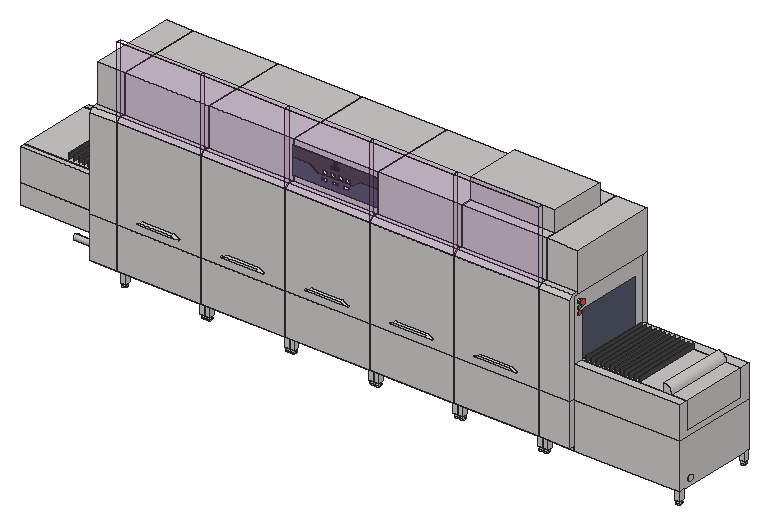
Revit family "QF_ELECTROLUXPROFESSIONAL_520717_EFTD082EL2U2D1M5L385", category Attrezzature speciali, Revit 2020
Family settings
  Quota connettore circolare = Usa diametro
  Tipo di parte = Normale
  Basato su piano di lavoro = No
  Sempre verticale = Sì
  Taglio con vuoti quando caricato = No
  Condiviso = No
  Punto di calcolo locali = No
Parameters (values of type "Standard")
  Weight = 1321.00 kg
  Watts = 76000 W
  Volts = 380 V
  URL Manufacturer = "https://www.electroluxprofessional.com/"
  URL = "https://www.electroluxprofessional.com/"
  Steam Supply Size = 0 mm
  Steam Supply Minimum Pressure = 0.0 Pa
  Steam Supply Maximum Pressure = 0.0 Pa
  Steam Consumption per Hour = 0
  Show Logo [instance] = yes
  Show Clearance [instance] = yes
  Refrigeration Suction Line Size = 0 mm
  Refrigeration Liquid Line Size = 0 mm
  Refrigerant Compressor Remote = yes
  Prospetto di default = 0 mm
  Produttore = "Electrolux Professional"
  Phase = 3
  Modello = "EFTD082EL2U2D1M5L385"
  Length Actual = 6250 mm  # constant formula
  Item Number = "520717"
  Hot Water Size = 0 mm
  Height Actual = 1983 mm  # constant formula
  HP = "101.9 HP"
  Gas Size = 0 mm
  Gas KW = 0
  Gas Input Pressure = 0 W
  Direct Waste Size = 50.8 mm
  Descrizione = "FT, 3Tanks, 8200D/H, El., 950mm loading, 1300mm unloading, 1Dryer, 55mm conveyor,L>R,380V50Hz3P"
  Depth Actual = 946 mm  # constant formula
  Cycle = 50 Hz
  Condensate Return Size = 0 mm
  Compressed Air Volume = 0.0 L/s
  Compressed Air Size = 0 mm
  Compressed Air Pressure = 0.0 Pa
  Cold Water Size = 0 mm
  Accessory = yes
Reference planes
  plane 1 "Centro (Fronte/Retro)": y = 0
  plane 2: z = 0
  plane 3 "Centro (Sinistra/Destra)": x = 0
  plane 4: z = 115
Forms (mm)
  Extrusion 1, solid, material "QF_Finishes_Stainless Steel"
    sketch origin (2232.404, 2, 1806.023) x (1, 0, 0) y (0, 0, 1)
      loop
        line (407.596, -163.023) -> (407.596, -183.023) -> (427.596, -183.023) -> (427.596, -163.023) -> (407.596, -163.023)
    from 0 to 2
  Extrusion 2, solid, material "QF_Finishes_Stainless Steel"
    sketch origin (6255.617, -1522.464, 1290.159) x (0, 0, -1) y (0, -1, 0)
      loop
        circle (1102.159, -772.464) r 25
    from -9.383 to 5.617
  Extrusion 3, solid, material "QF_Finishes_Stainless Steel"
    sketch origin (2892.404, 2, 337.984) x (1, 0, 0) y (0, 0, 1)
      loop
        line (407.596, -163.023) -> (407.596, -183.023) -> (427.596, -183.023) -> (427.596, -163.023) -> (407.596, -163.023)
    from 0 to 2
  Extrusion 4, solid, material "QF_Finishes_Stainless Steel"
    sketch origin (3326.841, 200.464, 109.383) x (1, 0, 0) y (0, 1, 0)
      loop
        circle (1102.159, -772.464) r 10
    from -9.383 to 5.617
  Extrusion 5, solid, material "QF_Finishes_Stainless Steel"
    sketch origin (3397.841, 200.464, 109.383) x (1, 0, 0) y (0, 1, 0)
      loop
        circle (1102.159, -772.464) r 10
    from -9.383 to 5.617
  Extrusion 6, solid, material "QF_Finishes_Stainless Steel"
    sketch origin (444.383, 22.464, 1290.159) x (0, 0, -1) y (0, 1, 0)
      loop
        circle (1102.159, -772.464) r 25
    from -9.383 to 255.617
Dimensions and locks
  plane 4 to level = 115 mm
  aligned and locked: level to plane 2
Nested families
  nested 1: "MODULO_CENTER_800_FAN" at (4533.563, -388.258, 0), Show Clearance <- "Show Clearance", type "MODULO_CENTER_800_FAN"
    with Show Logo yes, Show Clearance yes, R_L no, L_R yes
  nested 2: "MODULO_CENTER_800" at (2933.563, -388.258, 0), Show Clearance <- "Show Clearance", type "MODULO_CENTER_800"
    with Show Logo yes, Show Clearance yes, R_L no, L_R yes
  nested 3: "MODULO_ENTRY_DISH_950" at (558.563, -388.258, 0), type "MODULO_ENTRY_DISH_950"
    with Show Logo yes, Show Clearance yes, R_L no, L_R yes
  nested 4: "MODULO_USCITA_DISH_1300" at (5308.563, -388.258, 0), type "MODULO_USCITA_DISH_1300"
    with Show Logo yes, Show Clearance yes, R_L yes, L_R no
  nested 5: "Piedino_Square_115H" at (6226.5, -73.5, 0) x (-1, 0, 0) z (0, 0, 1), type "Piedino_Square_115H"
  nested 6: "Piedino_Square_115H" at (6226.5, -838.5, 0) x (-1, 0, 0) z (0, 0, 1), type "Piedino_Square_115H"
  nested 7: "Piedino_Square_115H" at (4973.5, -73.5, 0) x (-1, 0, 0) z (0, 0, 1), type "Piedino_Square_115H"
  nested 8: "Piedino_Square_115H" at (4973.5, -838.5, 0) x (-1, 0, 0) z (0, 0, 1), type "Piedino_Square_115H"
  nested 9: "Piedino_Square_115H" at (3373.5, -838.5, 0), type "Piedino_Square_115H"
  nested 10: "Piedino_Square_115H" at (3373.5, -73.5, 0), type "Piedino_Square_115H"
  nested 11: "Piedino_Square_115H" at (4126.5, -838.5, 0), type "Piedino_Square_115H"
  nested 12: "Piedino_Square_115H" at (4126.5, -73.5, 0), type "Piedino_Square_115H"
  nested 13: "Piedino_Square_115H" at (4173.5, -838.5, 0) x (-1, 0, 0) z (0, 0, 1), type "Piedino_Square_115H"
  nested 14: "Piedino_Square_115H" at (4173.5, -73.5, 0) x (-1, 0, 0) z (0, 0, 1), type "Piedino_Square_115H"
  nested 15: "Piedino_Square_115H" at (4926.5, -838.5, 0) x (-1, 0, 0) z (0, 0, 1), type "Piedino_Square_115H"
  nested 16: "Piedino_Square_115H" at (4926.5, -73.5, 0) x (-1, 0, 0) z (0, 0, 1), type "Piedino_Square_115H"
  nested 17: "Piedino_Square_115H" at (2573.5, -838.5, 0), type "Piedino_Square_115H"
  nested 18: "Piedino_Square_115H" at (2573.5, -73.5, 0), type "Piedino_Square_115H"
  nested 19: "Piedino_Square_115H" at (3326.5, -838.5, 0), type "Piedino_Square_115H"
  nested 20: "Piedino_Square_115H" at (3326.5, -73.5, 0), type "Piedino_Square_115H"
  nested 21: "MANIGLIA_FLIGHT_400" at (2950, -912, 639.28) x (1, 0, 0) z (0, -1, 0), type "MANIGLIA_FLIGHT_400"
  nested 22: "MANIGLIA_FLIGHT_400" at (4550, -912, 639.28) x (1, 0, 0) z (0, -1, 0), type "MANIGLIA_FLIGHT_400"
  nested 23: "MANIGLIA_FLIGHT_400" at (3750, -912, 639.28) x (1, 0, 0) z (0, -1, 0), type "MANIGLIA_FLIGHT_400"
  nested 24: "MODULO_CENTER_800" at (2166.437, -388.258, 0) x (-1, 0, 0) z (0, 0, 1), Show Clearance <- "Show Clearance", type "MODULO_CENTER_800"
    with Show Logo yes, Show Clearance yes, R_L no, L_R yes
  nested 25: "Piedino_Square_115H" at (2526.5, -838.5, 0) x (-1, 0, 0) z (0, 0, 1), type "Piedino_Square_115H"
  nested 26: "Piedino_Square_115H" at (2526.5, -73.5, 0) x (-1, 0, 0) z (0, 0, 1), type "Piedino_Square_115H"
  nested 27: "Piedino_Square_115H" at (1773.5, -838.5, 0) x (-1, 0, 0) z (0, 0, 1), type "Piedino_Square_115H"
  nested 28: "Piedino_Square_115H" at (1773.5, -73.5, 0) x (-1, 0, 0) z (0, 0, 1), type "Piedino_Square_115H"
  nested 29: "MANIGLIA_FLIGHT_400" at (2150, -912, 639.28) x (-1, 0, 0) z (0, -1, 0), type "MANIGLIA_FLIGHT_400"
  nested 30: "MODULO_CENTER_800" at (1333.563, -388.258, 0), Show Clearance <- "Show Clearance", type "MODULO_CENTER_800"
    with Show Logo yes, Show Clearance yes, R_L no, L_R yes
  nested 31: "Piedino_Square_115H" at (973.5, -838.5, 0), type "Piedino_Square_115H"
  nested 32: "Piedino_Square_115H" at (973.5, -73.5, 0), type "Piedino_Square_115H"
  nested 33: "Piedino_Square_115H" at (1726.5, -838.5, 0), type "Piedino_Square_115H"
  nested 34: "Piedino_Square_115H" at (1726.5, -73.5, 0), type "Piedino_Square_115H"
  nested 35: "MANIGLIA_FLIGHT_400" at (1350, -912, 639.28) x (1, 0, 0) z (0, -1, 0), type "MANIGLIA_FLIGHT_400"
  nested 36: "Schermo_Flight_800" at (2950, -815, 1592.763) x (1, 0, 0) z (0, -1, 0), type "Schermo_Flight_800"
  nested 37: "ELX_LOGO_WORDS_WHITE" at (2950, -816.6, 1682.763) x (1, 0, 0) z (0, -1, 0), Show Logo <- "Show Logo", visible <- "Show Logo", type "ELX_LOGO_WORDS_WHITE"
    with Show Logo yes
  nested 38: "ELX_LOGO_MONO_SMALL_WHITE" at (2940.08, -816.6, 1668.763) x (-1, 0, 0) z (0, -1, 0), Show Logo <- "Show Logo", visible <- "Show Logo", type "ELX_LOGO_MONO_SMALL_WHITE"
    with Show Logo yes
  nested 39: "MODULO_CENTER_800" at (3766.437, -388.258, 0) x (-1, 0, 0) z (0, 0, 1), Show Clearance <- "Show Clearance", type "MODULO_CENTER_800"
    with Show Logo yes, Show Clearance yes, R_L no, L_R yes
Connectors
  electrical at (2650, 2, 1633)
    settings: on Extrusion 1, index 69, voltage 0 V, apparent load 0 VA, apparent load phase1 0 VA, apparent load phase2 0 VA, apparent load phase3 0 VA, power factor 1, load classification "Altro", number of poles 1, system type 30, power factor state 1, is connector primary yes, connector utility no, sub classification motor no, connector description "EI"
  piping at (6265, -750, 188), diameter 50
    settings: on Extrusion 2, index 70, connector inside diameter 609.6 mm, connector length 0 mm, flow factor 0, pipe flow 0.0 L/s, pressure drop 0.0 Pa, fitting loss kfactor 0, connector angle 0.00°, fixture units 0, engagement length 0 mm, angle of deflection 0.00°, flow configuration 0, flow direction 0, fitting loss method 0, system type 29, joint type 0, gender type 0, connector reference index -1, connector utility 0, adjustable connector no, is connector primary yes, connector description "D"
  electrical at (3310, 2, 164.961)
    settings: on Extrusion 3, index 71, voltage 0 V, apparent load 0 VA, apparent load phase1 0 VA, apparent load phase2 0 VA, apparent load phase3 0 VA, power factor 1, load classification "Altro", number of poles 1, system type 30, power factor state 1, is connector primary no, connector utility no, sub classification motor no, connector description "EQ"
  piping at (4429, -572, 100), diameter 19.1
    settings: on Extrusion 4, index 72, connector inside diameter 609.6 mm, connector length 0 mm, flow factor 0, pipe flow 0.0 L/s, pressure drop 0.0 Pa, fitting loss kfactor 0, connector angle 0.00°, fixture units 0, engagement length 0 mm, angle of deflection 0.00°, flow configuration 0, flow direction 0, fitting loss method 0, system type 29, joint type 0, gender type 0, connector reference index -1, connector utility 0, adjustable connector no, is connector primary no, connector description "HWI/CWI"
  piping at (4500, -572, 100), diameter 19.1
    settings: on Extrusion 5, index 73, connector inside diameter 609.6 mm, connector length 0 mm, flow factor 0, pipe flow 0.0 L/s, pressure drop 0.0 Pa, fitting loss kfactor 0, connector angle 0.00°, fixture units 0, engagement length 0 mm, angle of deflection 0.00°, flow configuration 0, flow direction 0, fitting loss method 0, system type 29, joint type 0, gender type 0, connector reference index -1, connector utility 0, adjustable connector no, is connector primary no, connector description "HWI/CWI"
  piping at (435, -750, 188), diameter 50
    settings: on Extrusion 6, index 74, connector inside diameter 609.6 mm, connector length 0 mm, flow factor 0, pipe flow 0.0 L/s, pressure drop 0.0 Pa, fitting loss kfactor 0, connector angle 0.00°, fixture units 0, engagement length 0 mm, angle of deflection 0.00°, flow configuration 0, flow direction 0, fitting loss method 0, system type 29, joint type 0, gender type 0, connector reference index -1, connector utility 0, adjustable connector no, is connector primary no, connector description "D"
Definition of nested family "MODULO_CENTER_800_FAN"
  Parameters (values of type "MODULO_CENTER_800_FAN")
    URL = "http://professional.electrolux.com"
    Show Logo [instance] = yes
    R_L [instance] = not(L_R)  # no
    Default Elevation = 0 mm
    Manufacturer = "Electrolux"
    Model = "ESR10E5"
    Length Actual = 800 mm
    Show Clearance [instance] = yes
    L_R [instance] = yes
    Height Actual = 1792 mm
    Description = "SINGLE RINSE RT, 100R/H, ELECTRIC 50HZ"
    Depth Actual = 912 mm
  Reference planes
    plane 1 "Center X": y = -67.742
    plane 2: z = 0
    plane 3 "LEFT": x = -383.563
    plane 4 "RIGHT": x = 416.437
    plane 5 "BACK": y = 388.258
    plane 6 "FEET": z = 115
    plane 7: z = 2092
    plane 8 "TOP": z = 1792
    plane 9 "FRONT": y = -523.742
    plane 10 "Left/Right": x = 16.437
    plane 11 "TopVent": z = 1983
  Forms (mm)
    Extrusion 1, solid
      sketch origin (416.437, 479.936, 4000) x (0, 1, 0) y (0, 0, 1)
        loop
          line (-91.678, -2208) -> (-906.678, -2208) -> (-906.678, -2580) -> (-91.678, -2580) -> (-91.678, -2208)
      from -800 to 0
    Extrusion 2, solid
      sketch origin (-383.563, 437.565, 3910) x (0, 1, 0) y (0, 0, 1)
        loop
          line (-99.307, -2490) -> (-911.307, -2490) -> (-911.307, -3552) -> (-99.307, -3552) -> (-99.307, -2490)
      from 800 to 0
    Extrusion 3, solid
      sketch origin (416.437, 479.936, 4299) x (0, 1, 0) y (0, 0, 1)
        loop
          line (-278.21, -2316) -> (-803.678, -2316) -> (-803.678, -2507) -> (-278.21, -2507) -> (-278.21, -2316)
      from -800 to 0
    Extrusion 4, solid
      sketch origin (16.437, 0, 1.5) x (0, 0, 1) y (0, -1, 0)
        loop
          line (356.5, -338.258) -> (356.5, 473.742) -> (113.5, 473.742) -> (113.5, -338.258) -> (356.5, -338.258)
      from 400 to -400
    Extrusion 5, solid
      sketch origin (16.437, 0, 0) x (0, 0, 1) y (0, -1, 0)
        loop
          line (1420, -338.258) -> (545, -338.258) -> (545, -388.258) -> (1420, -388.258) -> (1420, -338.258)
      from -400 to 400
    Extrusion 6, solid
      sketch origin (16.437, 0, 0) x (0, 0, 1) y (0, -1, 0)
        loop
          line (545, -388.258) -> (545, -338.258) -> (154, -338.258) -> (154, -388.258) -> (545, -388.258)
      from -400 to 400
    Extrusion 7, solid
      sketch origin (16.437, -882.484, -150) x (0, -1, 0) y (0, 0, 1)
        loop
          line (-358.742, 304) -> (-358.742, 695) -> (-408.742, 695) -> (-408.742, 304) -> (-358.742, 304)
      from -400 to 400
    Extrusion 8, solid
      sketch origin (16.437, -882.484, -151) x (0, -1, 0) y (0, 0, 1)
        loop
          line (-408.742, 1571) -> (-408.742, 696) -> (-358.742, 696) -> (-358.742, 1556) -> (-395.742, 1593) -> (-443.742, 1593) -> (-443.742, 1571) -> (-408.742, 1571)
      from -400 to 400
    Extrusion 9, solid, visible <- "Show Clearance"
      sketch origin (16.437, -882.484, 452) x (0, -1, 0) y (0, 0, 1)
        loop
          line (-408.742, 1640) -> (-408.742, 953.624) -> (-358.742, 953.624) -> (-358.742, 1640) -> (-408.742, 1640)
      from -400 to 400
  Dimensions and locks
    plane 3 "LEFT" to plane 4 "RIGHT" = 800 mm
    plane 5 "BACK" to plane 1 "Center X" to plane 9 "FRONT" = 456 mm, 456 mm
    plane 6 "FEET" to level = 115 mm  (x2)
    plane 6 "FEET" to plane 8 "TOP" = 1677 mm
    plane 5 "BACK" to plane 9 "FRONT" = 912 mm  (x2)
    plane 4 "RIGHT" to plane 3 "LEFT" = 800 mm
    plane 9 "FRONT" to plane 5 "BACK" = 912 mm
    level to plane 8 "TOP" = 1792 mm  (x2)
    plane 7 to level = 2092 mm
    plane 11 "TopVent" to plane 2 = 1983 mm
    plane 7 to plane 2 = 2092 mm
    Extrusion 2 to level = 1420 mm
    Extrusion 8 to level = 1442 mm
    plane 11 "TopVent" to level = 1983 mm
    aligned and locked: level to plane 2
Definition of nested family "MODULO_CENTER_800"
  Parameters (values of type "MODULO_CENTER_800")
    URL = "http://professional.electrolux.com"
    Show Logo [instance] = yes
    R_L [instance] = not(L_R)  # no
    Default Elevation = 0 mm
    Manufacturer = "Electrolux"
    Model = "ESR10E5"
    Length Actual = 800 mm
    Show Clearance [instance] = yes
    L_R [instance] = yes
    Height Actual = 1792 mm
    Description = "SINGLE RINSE RT, 100R/H, ELECTRIC 50HZ"
    Depth Actual = 912 mm
  Reference planes
    plane 1 "Center X": y = -67.742
    plane 2: z = 0
    plane 3 "LEFT": x = -383.563
    plane 4 "RIGHT": x = 416.437
    plane 5 "BACK": y = 388.258
    plane 6 "FEET": z = 115
    plane 7: z = 2092
    plane 8 "TOP": z = 1792
    plane 9 "FRONT": y = -523.742
    plane 10 "Left/Right": x = 16.437
  Forms (mm)
    Extrusion 1, solid
      sketch origin (416.437, 479.936, 4000) x (0, 1, 0) y (0, 0, 1)
        loop
          line (-91.678, -2208) -> (-906.678, -2208) -> (-906.678, -2580) -> (-91.678, -2580) -> (-91.678, -2208)
      from -800 to 0
    Extrusion 2, solid
      sketch origin (-383.563, 437.565, 3915) x (0, 1, 0) y (0, 0, 1)
        loop
          line (-99.307, -2495) -> (-911.307, -2495) -> (-911.307, -3557) -> (-99.307, -3557) -> (-99.307, -2495)
      from 800 to 0
    Extrusion 3, solid
      sketch origin (16.437, 0, 1.5) x (0, 0, 1) y (0, -1, 0)
        loop
          line (356.5, -338.258) -> (356.5, 473.742) -> (113.5, 473.742) -> (113.5, -338.258) -> (356.5, -338.258)
      from 400 to -400
    Extrusion 4, solid
      sketch origin (16.437, 0, 0) x (0, 0, 1) y (0, -1, 0)
        loop
          line (1420, -338.258) -> (545, -338.258) -> (545, -388.258) -> (1420, -388.258) -> (1420, -338.258)
      from -400 to 400
    Extrusion 5, solid
      sketch origin (16.437, 0, 0) x (0, 0, 1) y (0, -1, 0)
        loop
          line (545, -388.258) -> (545, -338.258) -> (154, -338.258) -> (154, -388.258) -> (545, -388.258)
      from -400 to 400
    Extrusion 6, solid
      sketch origin (16.437, -882.484, -150) x (0, -1, 0) y (0, 0, 1)
        loop
          line (-358.742, 304) -> (-358.742, 695) -> (-408.742, 695) -> (-408.742, 304) -> (-358.742, 304)
      from -400 to 400
    Extrusion 7, solid
      sketch origin (16.437, -882.484, -151) x (0, -1, 0) y (0, 0, 1)
        loop
          line (-408.742, 1571) -> (-408.742, 696) -> (-358.742, 696) -> (-358.742, 1556) -> (-395.742, 1593) -> (-443.742, 1593) -> (-443.742, 1571) -> (-408.742, 1571)
      from -400 to 400
    Extrusion 8, solid, visible <- "Show Clearance"
      sketch origin (16.437, -882.484, 452) x (0, -1, 0) y (0, 0, 1)
        loop
          line (-408.742, 1640) -> (-408.742, 953.624) -> (-358.742, 953.624) -> (-358.742, 1640) -> (-408.742, 1640)
      from -400 to 400
  Dimensions and locks
    plane 3 "LEFT" to plane 4 "RIGHT" = 800 mm
    plane 5 "BACK" to plane 1 "Center X" to plane 9 "FRONT" = 456 mm, 456 mm
    plane 6 "FEET" to level = 115 mm  (x2)
    plane 6 "FEET" to plane 8 "TOP" = 1677 mm
    plane 5 "BACK" to plane 9 "FRONT" = 912 mm  (x2)
    plane 4 "RIGHT" to plane 3 "LEFT" = 800 mm
    plane 9 "FRONT" to plane 5 "BACK" = 912 mm
    level to plane 8 "TOP" = 1792 mm  (x2)
    plane 7 to level = 2092 mm
    plane 7 to plane 2 = 2092 mm
    Extrusion 2 to level = 1420 mm
    Extrusion 7 to level = 1442 mm
    aligned and locked: level to plane 2
Definition of nested family "MODULO_ENTRY_DISH_950"
  Parameters (values of type "MODULO_ENTRY_DISH_950")
    URL = "http://professional.electrolux.com"
    Show Logo [instance] = yes
    R_L [instance] = not(L_R)  # no
    Default Elevation = 0 mm
    Manufacturer = "Electrolux"
    Model = "ESR10E5"
    Length Actual = 800 mm
    Show Clearance [instance] = yes
    L_R [instance] = yes
    Height Actual = 1792 mm
    Description = "SINGLE RINSE RT, 100R/H, ELECTRIC 50HZ"
    Depth Actual = 912 mm
  Reference planes
    plane 1 "Center (Front/Back)": y = -67.742
    plane 2: z = 0
    plane 3 "LEFT": x = -558.563
    plane 4 "RIGHT": x = 391.437
    plane 5 "BACK": y = 388.258
    plane 6 "FRONT": y = -523.742
    plane 7 "BUTTONS": y = -427.742
    plane 8: z = 115
    plane 9 "2": y = 292.258
  Forms (mm)
    Extrusion 1, solid, visible <- "L_R"
      sketch origin (391.437, 479.936, 4000) x (0, 1, 0) y (0, 0, 1)
        loop
          line (-91.678, -2208) -> (-906.678, -2208) -> (-906.678, -2580) -> (-91.678, -2580) -> (-91.678, -2208)
      from -250 to 0
    Extrusion 2, solid
      sketch origin (-358.563, 437.565, 3910) x (0, 1, 0) y (0, 0, 1)
        loop
          line (-99.307, -2490) -> (-911.307, -2490) -> (-911.307, -3552) -> (-99.307, -3552) -> (-99.307, -2490)
      from 750 to 500
    Extrusion 3, solid
      sketch origin (-558.563, 437.565, 3910) x (0, 1, 0) y (0, 0, 1)
        loop
          line (-99.307, -3365) -> (-99.307, -3060) -> (-149.307, -3060) -> (-149.307, -3315) -> (-861.307, -3315) -> (-861.307, -3060) -> (-911.307, -3060) -> (-911.307, -3365) -> (-99.307, -3365)
      from 700 to 0
    Extrusion 4, solid
      sketch origin (16.437, 0, -4.987) x (0, 0, 1) y (0, -1, 0)
        loop
          line (362.987, -338.258) -> (362.987, 473.742) -> (119.987, 473.742) -> (119.987, -338.258) -> (362.987, -338.258)
      from 375 to 125
    Extrusion 5, solid, visible <- "L_R"
      sketch origin (16.437, 0, 0) x (0, 0, 1) y (0, -1, 0)
        loop
          line (1420, -338.258) -> (545, -338.258) -> (545, -388.258) -> (1420, -388.258) -> (1420, -338.258)
      from 125 to 375
    Extrusion 6, solid
      sketch origin (16.437, 0, 0) x (0, 0, 1) y (0, -1, 0)
        loop
          line (545, -388.258) -> (545, -338.258) -> (154, -338.258) -> (154, -388.258) -> (545, -388.258)
      from 125 to 375
    Extrusion 7, solid
      sketch origin (-558.563, 437.565, 3607.258) x (0, 1, 0) y (0, 0, 1)
        loop
          line (-99.307, -3249.258) -> (-99.307, -3062.258) -> (-911.307, -3062.258) -> (-911.307, -3249.258) -> (-99.307, -3249.258)
      from 700 to 0
    Extrusion 8, solid
      sketch origin (-558.563, 437.565, 4000) x (0, 1, 0) y (0, 0, 1)
        loop
          line (-149.307, -3150) -> (-861.307, -3150) -> (-861.307, -3405) -> (-149.307, -3405) -> (-149.307, -3150)
      from 0 to 700
    Extrusion 9, solid
      sketch origin (266.437, -882.484, -150) x (0, -1, 0) y (0, 0, 1)
        loop
          line (-358.742, 304) -> (-358.742, 695) -> (-408.742, 695) -> (-408.742, 304) -> (-358.742, 304)
      from -125 to 125
    Extrusion 10, solid, visible <- "L_R"
      sketch origin (266.437, -882.484, -151) x (0, -1, 0) y (0, 0, 1)
        loop
          line (-408.742, 1571) -> (-408.742, 696) -> (-358.742, 696) -> (-358.742, 1556) -> (-395.742, 1593) -> (-443.742, 1593) -> (-443.742, 1571) -> (-408.742, 1571)
      from -125 to 125
    Extrusion 11, solid
      sketch origin (-358.563, 437.565, 4000) x (0, 1, 0) y (0, 0, 1)
        loop
          line (-199.307, -2725.701) -> (-811.307, -2725.701) -> (-811.307, -3137.701) -> (-199.307, -3137.701) -> (-199.307, -2725.701)
      from 495.458 to 500
    Extrusion 12, solid, visible <- "R_L"
      sketch origin (266.437, 747, -151) x (0, 1, 0) y (0, 0, -1)
        loop
          line (-408.742, -1571) -> (-443.742, -1571) -> (-443.742, -1593) -> (-395.742, -1593) -> (-358.742, -1556) -> (-358.742, -696) -> (-408.742, -696) -> (-408.742, -1571)
      from -125 to 125
    Extrusion 13, solid, visible <- "R_L"
      sketch origin (16.437, -135.484, 0) x (0, 0, 1) y (0, -1, 0)
        loop
          line (1420, 338.258) -> (1420, 388.258) -> (545, 388.258) -> (545, 338.258) -> (1420, 338.258)
      from 125 to 375
    Extrusion 14, solid, visible <- "R_L"
      sketch origin (391.437, -615.42, 4000) x (0, -1, 0) y (0, 0, -1)
        loop
          line (-91.678, 2208) -> (-91.678, 2580) -> (-906.678, 2580) -> (-906.678, 2208) -> (-91.678, 2208)
      from -250 to 0
    Extrusion 15, solid
      sketch origin (-191.477, -192.742, -3) x (-1, 0, 0) y (0, 0, 1)
        loop
          line (-26.676, 853) -> (-26.676, 898) -> (-36.676, 898) -> (-36.676, 853) -> (-26.676, 853)
      from -196 to 446
    Extrusion 16, solid
      sketch origin (-146.477, -192.742, -3) x (-1, 0, 0) y (0, 0, 1)
        loop
          line (-26.676, 853) -> (-26.676, 898) -> (-36.676, 898) -> (-36.676, 853) -> (-26.676, 853)
      from -196 to 446
    Extrusion 17, solid
      sketch origin (-101.477, -192.742, -3) x (-1, 0, 0) y (0, 0, 1)
        loop
          line (-26.676, 853) -> (-26.676, 898) -> (-36.676, 898) -> (-36.676, 853) -> (-26.676, 853)
      from -196 to 446
    Extrusion 18, solid
      sketch origin (-56.477, -192.742, -3) x (-1, 0, 0) y (0, 0, 1)
        loop
          line (-26.676, 853) -> (-26.676, 898) -> (-36.676, 898) -> (-36.676, 853) -> (-26.676, 853)
      from -196 to 446
    Extrusion 19, solid
      sketch origin (-11.477, -192.742, -3) x (-1, 0, 0) y (0, 0, 1)
        loop
          line (-26.676, 853) -> (-26.676, 898) -> (-36.676, 898) -> (-36.676, 853) -> (-26.676, 853)
      from -196 to 446
    Extrusion 20, solid
      sketch origin (33.523, -192.742, -3) x (-1, 0, 0) y (0, 0, 1)
        loop
          line (-26.676, 853) -> (-26.676, 898) -> (-36.676, 898) -> (-36.676, 853) -> (-26.676, 853)
      from -196 to 446
  Dimensions and locks
    plane 3 "LEFT" to plane 4 "RIGHT" = 950 mm
    plane 5 "BACK" to plane 1 "Center (Front/Back)" to plane 6 "FRONT" = 456 mm, 456 mm
    plane 5 "BACK" to plane 6 "FRONT" = 912 mm  (x2)
    plane 4 "RIGHT" to plane 3 "LEFT" = 950 mm  (x2)
    plane 6 "FRONT" to plane 5 "BACK" = 912 mm
    plane 8 to level = 115 mm
    Extrusion 1 to level = 1792 mm
    Extrusion 3 to level = 850 mm
    aligned and locked: level to plane 2
  Nested families
    nested 1: "BOTTONE_RED_STOP" at (141.437, -427.742, 1266.906) x (0, -1, 0) z (-1, 0, 0), visible <- "L_R", type "BOTTONE_RED_STOP"
    nested 2: "BOTTONE_EMERGENCY_STOP" at (141.437, -427.742, 1370) x (0, -1, 0) z (-1, 0, 0), visible <- "L_R", type "BOTTONE_EMERGENCY_STOP"
    nested 3: "BOTTONE_GREEN_START" at (141.437, -427.742, 1316.906) x (0, -1, 0) z (-1, 0, 0), visible <- "L_R", type "BOTTONE_GREEN_START"
    nested 4: "BOTTONE_RED_STOP" at (141.437, 292.258, 1267.906) x (0, 1, 0) z (-1, 0, 0), visible <- "R_L", type "BOTTONE_RED_STOP"
    nested 5: "BOTTONE_EMERGENCY_STOP" at (141.437, 292.258, 1371) x (0, 1, 0) z (-1, 0, 0), visible <- "R_L", type "BOTTONE_EMERGENCY_STOP"
    nested 6: "BOTTONE_GREEN_START" at (141.437, 292.258, 1317.906) x (0, 1, 0) z (-1, 0, 0), visible <- "R_L", type "BOTTONE_GREEN_START"
  Definition of nested family "BOTTONE_RED_STOP"
    Parameters (values of type "BOTTONE_RED_STOP")
      Default Elevation = 1219.2 mm
    Reference planes
      plane 1 "Centro (Fronte/Retro)": y = 0
      plane 2: z = 0
      plane 3 "Centro (Sinistra/Destra)": x = 0
    Forms (mm)
      Extrusion 1, solid
        sketch origin (0, 0, 0) x (1, 0, 0) y (0, 1, 0)
          loop
            line (-1219.2, 1219.2) -> (-1219.2, -1219.2) -> (1219.2, -1219.2) -> (1219.2, 1219.2) -> (-1219.2, 1219.2)
        from 0 to -304.8
      Extrusion 2, solid
        sketch origin (-367.513, 69.533, 15) x (-1, 0, 0) y (0, 1, 0)
          loop
            circle (-367.513, -69.533) r 15
        from 0 to 15
    Dimensions and locks
      aligned and locked: plane 2 to Extrusion 1
      aligned and locked: level to Extrusion 1
  Definition of nested family "BOTTONE_EMERGENCY_STOP"
    Parameters
      Default Elevation = 1219.2 mm
    Reference planes
      plane 1 "Centro (Fronte/Retro)": y = 0
      plane 2: z = 0
      plane 3 "Centro (Sinistra/Destra)": x = 0
    Forms (mm)
      Extrusion 1, solid
        sketch origin (0, 0, 0) x (1, 0, 0) y (0, 1, 0)
          loop
            line (-1219.2, 1219.2) -> (-1219.2, -1219.2) -> (1219.2, -1219.2) -> (1219.2, 1219.2) -> (-1219.2, 1219.2)
        from 0 to -304.8
      Extrusion 2, solid
        sketch origin (0, 0, 0) x (1, 0, 0) y (0, 1, 0)
          loop
            circle (0, 0) r 15
        from 0 to 20.273
      Blend 3, solid
        base sketch origin (-49.801, 0, 0) x (1, 0, 0) y (0, 1, 0)
          loop
            circle (49.801, 0) r 15
        top sketch origin (-49.801, 0, 0) x (1, 0, 0) y (0, 1, 0)
          loop
            circle (49.801, 0) r 25
        from 20.273 to 47.605
    Dimensions and locks
      aligned and locked: plane 2 to Extrusion 1
      aligned and locked: level to Extrusion 1
  Definition of nested family "BOTTONE_GREEN_START"
    Parameters (values of type "BOTTONE_GREEN_START")
      Default Elevation = 1219.2 mm
    Reference planes
      plane 1 "Centro (Fronte/Retro)": y = 0
      plane 2: z = 0
      plane 3 "Centro (Sinistra/Destra)": x = 0
    Forms (mm)
      Extrusion 1, solid
        sketch origin (0, 0, 0) x (1, 0, 0) y (0, 1, 0)
          loop
            line (-1219.2, 1219.2) -> (-1219.2, -1219.2) -> (1219.2, -1219.2) -> (1219.2, 1219.2) -> (-1219.2, 1219.2)
        from 0 to -304.8
      Extrusion 2, solid
        sketch origin (-367.513, 69.533, 15) x (-1, 0, 0) y (0, 1, 0)
          loop
            circle (-367.513, -69.533) r 15
        from 0 to 15
    Dimensions and locks
      aligned and locked: plane 2 to Extrusion 1
      aligned and locked: level to Extrusion 1
Definition of nested family "MODULO_USCITA_DISH_1300"
  Parameters (values of type "MODULO_USCITA_DISH_1300")
    URL = "http://professional.electrolux.com"
    Show Logo [instance] = yes
    R_L [instance] = not(L_R)  # yes
    Default Elevation = 0 mm
    Manufacturer = "Electrolux"
    Model = "ESR10E5"
    Length Actual = 800 mm
    Show Clearance [instance] = yes
    L_R [instance] = no
    Height Actual = 1792 mm
    Description = "SINGLE RINSE RT, 100R/H, ELECTRIC 50HZ"
    Depth Actual = 912 mm
  Reference planes
    plane 1 "Center (Front/Back)": y = -67.742
    plane 2: z = 0
    plane 3 "LEFT": x = -358.563
    plane 4 "BACK": y = 388.258
    plane 5 "FEET": z = 115
    plane 6 "TOP": z = 1792
    plane 7 "FRONT": y = -523.742
    plane 8 "Left/Right": x = 16.437
    plane 9: x = -358.563
    plane 10: y = -427.742
    plane 11 "RIGHT": x = 941.437
  Forms (mm)
    Extrusion 1, solid, visible <- "R_L"
      sketch origin (-358.563, 479.936, 4003) x (0, 1, 0) y (0, 0, -1)
        loop
          line (-91.678, 2211) -> (-91.678, 2583) -> (-906.678, 2583) -> (-906.678, 2211) -> (-91.678, 2211)
      from -300 to 0
    Extrusion 2, solid
      sketch origin (-358.563, 437.565, 4003) x (0, 1, 0) y (0, 0, 1)
        loop
          line (-99.307, -3458) -> (-911.307, -3458) -> (-911.307, -3888) -> (-99.307, -3888) -> (-99.307, -3458)
      from 300 to 0
    Extrusion 3, solid
      sketch origin (-358.563, 479.936, 4003) x (0, 1, 0) y (0, 0, -1)
        loop
          line (-141.678, 2583) -> (-141.678, 3458) -> (-953.678, 3458) -> (-953.678, 2583) -> (-141.678, 2583)
      from -300 to 0
    Extrusion 4, solid
      sketch origin (391.437, 437.565, 3913) x (0, 1, 0) y (0, 0, -1)
        loop
          line (-99.307, 3368) -> (-911.307, 3368) -> (-911.307, 3063) -> (-826.307, 3063) -> (-826.307, 3318) -> (-184.307, 3318) -> (-184.307, 3063) -> (-99.307, 3063) -> (-99.307, 3368)
      from 450 to -550
    Extrusion 5, solid, visible <- "R_L"
      sketch origin (16.437, 0, 3) x (0, 0, 1) y (0, 1, 0)
        loop
          line (1417, 338.258) -> (1417, 388.258) -> (542, 388.258) -> (542, 338.258) -> (1417, 338.258)
      from 75 to 375
    Extrusion 6, solid
      sketch origin (16.437, 0, 3) x (0, 0, 1) y (0, 1, 0)
        loop
          line (542, 388.258) -> (151, 388.258) -> (151, 338.258) -> (542, 338.258) -> (542, 388.258)
      from 75 to 375
    Extrusion 7, solid
      sketch origin (391.437, 437.565, 3610.258) x (0, 1, 0) y (0, 0, -1)
        loop
          line (-99.307, 3495.258) -> (-911.307, 3495.258) -> (-911.307, 3065.258) -> (-99.307, 3065.258) -> (-99.307, 3495.258)
      from 450 to -550
    Extrusion 8, solid
      sketch origin (991.437, 0, 3) x (0, 1, 0) y (0, 0, 1)
        loop
          line (253.258, 847) -> (-388.742, 847) -> (-388.742, 592) -> (253.258, 592) -> (253.258, 847)
      from -50 to -1050
    Extrusion 9, solid
      sketch origin (-358.563, 437.565, 3928) x (0, 1, 0) y (0, 0, 1)
        loop
          line (-811.307, -3065.701) -> (-199.307, -3065.701) -> (-199.307, -2653.701) -> (-811.307, -2653.701) -> (-811.307, -3065.701)
      from 300 to 304.77
    Extrusion 10, solid
      sketch origin (-208.563, -115, -147) x (0, 1, 0) y (0, 0, 1)
        loop
          line (-358.742, 301) -> (-358.742, 692) -> (-408.742, 692) -> (-408.742, 301) -> (-358.742, 301)
      from -150 to 150
    Extrusion 11, solid, visible <- "R_L"
      sketch origin (-208.563, -882.484, -151) x (0, -1, 0) y (0, 0, 1)
        loop
          line (-408.742, 1571) -> (-408.742, 696) -> (-358.742, 696) -> (-358.742, 1556) -> (-395.742, 1593) -> (-443.742, 1593) -> (-443.742, 1571) -> (-408.742, 1571)
      from -150 to 150
    Extrusion 12, solid
      sketch origin (-39.574, -192.742, -3) x (-1, 0, 0) y (0, 0, 1)
        loop
          line (-26.676, 853) -> (-26.676, 898) -> (-36.676, 898) -> (-36.676, 853) -> (-26.676, 853)
      from -196 to 446
    Extrusion 13, solid
      sketch origin (5.426, -192.742, -3) x (-1, 0, 0) y (0, 0, 1)
        loop
          line (-26.676, 853) -> (-26.676, 898) -> (-36.676, 898) -> (-36.676, 853) -> (-26.676, 853)
      from -196 to 446
    Extrusion 14, solid
      sketch origin (50.426, -192.742, -3) x (-1, 0, 0) y (0, 0, 1)
        loop
          line (-26.676, 853) -> (-26.676, 898) -> (-36.676, 898) -> (-36.676, 853) -> (-26.676, 853)
      from -196 to 446
    Extrusion 15, solid
      sketch origin (95.426, -192.742, -3) x (-1, 0, 0) y (0, 0, 1)
        loop
          line (-26.676, 853) -> (-26.676, 898) -> (-36.676, 898) -> (-36.676, 853) -> (-26.676, 853)
      from -196 to 446
    Extrusion 16, solid
      sketch origin (140.426, -192.742, -3) x (-1, 0, 0) y (0, 0, 1)
        loop
          line (-26.676, 853) -> (-26.676, 898) -> (-36.676, 898) -> (-36.676, 853) -> (-26.676, 853)
      from -196 to 446
    Extrusion 17, solid
      sketch origin (185.426, -192.742, -3) x (-1, 0, 0) y (0, 0, 1)
        loop
          line (-26.676, 853) -> (-26.676, 898) -> (-36.676, 898) -> (-36.676, 853) -> (-26.676, 853)
      from -196 to 446
    Extrusion 18, solid
      sketch origin (230.426, -192.742, -3) x (-1, 0, 0) y (0, 0, 1)
        loop
          line (-26.676, 853) -> (-26.676, 898) -> (-36.676, 898) -> (-36.676, 853) -> (-26.676, 853)
      from -196 to 446
    Extrusion 19, solid
      sketch origin (275.426, -192.742, -3) x (-1, 0, 0) y (0, 0, 1)
        loop
          line (-26.676, 853) -> (-26.676, 898) -> (-36.676, 898) -> (-36.676, 853) -> (-26.676, 853)
      from -196 to 446
    Revolve 20, solid
      sketch origin (295, 0, 850) x (1, 0, 0) y (0, 1, 0)
        loop
          line (430.204, 253.258) -> (430.204, -388.742) -> (502.335, -388.742) -> (502.335, 253.258) -> (430.204, 253.258)
        axis (430.204, 253.258) -> (430.204, -388.742)
      angle from 0 to -90
    Extrusion 21, solid, visible <- "L_R"
      sketch origin (-208.563, 747, -151) x (0, 1, 0) y (0, 0, -1)
        loop
          line (-408.742, -1571) -> (-443.742, -1571) -> (-443.742, -1593) -> (-395.742, -1593) -> (-358.742, -1556) -> (-358.742, -696) -> (-408.742, -696) -> (-408.742, -1571)
      from -150 to 150
    Extrusion 22, solid, visible <- "L_R"
      sketch origin (16.437, -135.484, 3) x (0, 0, 1) y (0, 1, 0)
        loop
          line (1417, -338.258) -> (542, -338.258) -> (542, -388.258) -> (1417, -388.258) -> (1417, -338.258)
      from 75 to 375
    Extrusion 23, solid, visible <- "L_R"
      sketch origin (-358.563, -615.42, 4003) x (0, -1, 0) y (0, 0, 1)
        loop
          line (-91.678, -2211) -> (-906.678, -2211) -> (-906.678, -2583) -> (-91.678, -2583) -> (-91.678, -2211)
      from -300 to 0
    Extrusion 24, solid
      sketch origin (320.426, -192.742, -3) x (-1, 0, 0) y (0, 0, 1)
        loop
          line (-26.676, 853) -> (-26.676, 898) -> (-36.676, 898) -> (-36.676, 853) -> (-26.676, 853)
      from -196 to 446
    Extrusion 25, solid
      sketch origin (365.426, -192.742, -3) x (-1, 0, 0) y (0, 0, 1)
        loop
          line (-26.676, 853) -> (-26.676, 898) -> (-36.676, 898) -> (-36.676, 853) -> (-26.676, 853)
      from -196 to 446
    Extrusion 26, solid
      sketch origin (410.426, -192.742, -3) x (-1, 0, 0) y (0, 0, 1)
        loop
          line (-26.676, 853) -> (-26.676, 898) -> (-36.676, 898) -> (-36.676, 853) -> (-26.676, 853)
      from -196 to 446
    Extrusion 27, solid
      sketch origin (455.426, -192.742, -3) x (-1, 0, 0) y (0, 0, 1)
        loop
          line (-26.676, 853) -> (-26.676, 898) -> (-36.676, 898) -> (-36.676, 853) -> (-26.676, 853)
      from -196 to 446
  Dimensions and locks
    plane 4 "BACK" to plane 1 "Center (Front/Back)" to plane 7 "FRONT" = 456 mm, 456 mm
    plane 5 "FEET" to level = 115 mm  (x2)
    plane 4 "BACK" to plane 7 "FRONT" = 912 mm  (x2)
    plane 7 "FRONT" to plane 4 "BACK" = 912 mm
    level to plane 6 "TOP" = 1792 mm
    plane 3 "LEFT" to plane 8 "Left/Right" = 375 mm
    plane 8 "Left/Right" to plane 11 "RIGHT" = 925 mm
    plane 3 "LEFT" to plane 11 "RIGHT" = 1300 mm
    plane 9 to plane 11 "RIGHT" = 1300 mm
    plane 6 "TOP" to level = 1792 mm
    aligned and locked: level to plane 2
  Nested families
    nested 1: "BOTTONE_EMERGENCY_STOP" at (-58.563, -427.742, 1369) x (0, -1, 0) z (1, 0, 0), visible <- "R_L", type "BOTTONE_EMERGENCY_STOP"
    nested 2: "BOTTONE_GREEN_START" at (-58.563, -427.742, 1315.906) x (0, -1, 0) z (1, 0, 0), visible <- "R_L", type "BOTTONE_GREEN_START"
    nested 3: "BOTTONE_RED_STOP" at (-58.563, -427.742, 1265.906) x (0, -1, 0) z (1, 0, 0), visible <- "R_L", type "BOTTONE_RED_STOP"
    nested 4: "BOTTONE_EMERGENCY_STOP" at (-58.563, 292.258, 1369) x (0, 1, 0) z (1, 0, 0), visible <- "L_R", type "BOTTONE_EMERGENCY_STOP"
    nested 5: "BOTTONE_GREEN_START" at (-58.563, 292.258, 1315.906) x (0, 1, 0) z (1, 0, 0), visible <- "L_R", type "BOTTONE_GREEN_START"
    nested 6: "BOTTONE_RED_STOP" at (-58.563, 292.258, 1265.906) x (0, 1, 0) z (1, 0, 0), visible <- "L_R", type "BOTTONE_RED_STOP"
  Definition of nested family "BOTTONE_EMERGENCY_STOP"
    Parameters
      Default Elevation = 1219.2 mm
    Reference planes
      plane 1 "Centro (Fronte/Retro)": y = 0
      plane 2: z = 0
      plane 3 "Centro (Sinistra/Destra)": x = 0
    Forms (mm)
      Extrusion 1, solid
        sketch origin (0, 0, 0) x (1, 0, 0) y (0, 1, 0)
          loop
            line (-1219.2, 1219.2) -> (-1219.2, -1219.2) -> (1219.2, -1219.2) -> (1219.2, 1219.2) -> (-1219.2, 1219.2)
        from 0 to -304.8
      Extrusion 2, solid
        sketch origin (0, 0, 0) x (1, 0, 0) y (0, 1, 0)
          loop
            circle (0, 0) r 15
        from 0 to 20.273
      Blend 3, solid
        base sketch origin (-49.801, 0, 0) x (1, 0, 0) y (0, 1, 0)
          loop
            circle (49.801, 0) r 15
        top sketch origin (-49.801, 0, 0) x (1, 0, 0) y (0, 1, 0)
          loop
            circle (49.801, 0) r 25
        from 20.273 to 47.605
    Dimensions and locks
      aligned and locked: plane 2 to Extrusion 1
      aligned and locked: level to Extrusion 1
  Definition of nested family "BOTTONE_GREEN_START"
    Parameters (values of type "BOTTONE_GREEN_START")
      Default Elevation = 1219.2 mm
    Reference planes
      plane 1 "Centro (Fronte/Retro)": y = 0
      plane 2: z = 0
      plane 3 "Centro (Sinistra/Destra)": x = 0
    Forms (mm)
      Extrusion 1, solid
        sketch origin (0, 0, 0) x (1, 0, 0) y (0, 1, 0)
          loop
            line (-1219.2, 1219.2) -> (-1219.2, -1219.2) -> (1219.2, -1219.2) -> (1219.2, 1219.2) -> (-1219.2, 1219.2)
        from 0 to -304.8
      Extrusion 2, solid
        sketch origin (-367.513, 69.533, 15) x (-1, 0, 0) y (0, 1, 0)
          loop
            circle (-367.513, -69.533) r 15
        from 0 to 15
    Dimensions and locks
      aligned and locked: plane 2 to Extrusion 1
      aligned and locked: level to Extrusion 1
  Definition of nested family "BOTTONE_RED_STOP"
    Parameters (values of type "BOTTONE_RED_STOP")
      Default Elevation = 1219.2 mm
    Reference planes
      plane 1 "Centro (Fronte/Retro)": y = 0
      plane 2: z = 0
      plane 3 "Centro (Sinistra/Destra)": x = 0
    Forms (mm)
      Extrusion 1, solid
        sketch origin (0, 0, 0) x (1, 0, 0) y (0, 1, 0)
          loop
            line (-1219.2, 1219.2) -> (-1219.2, -1219.2) -> (1219.2, -1219.2) -> (1219.2, 1219.2) -> (-1219.2, 1219.2)
        from 0 to -304.8
      Extrusion 2, solid
        sketch origin (-367.513, 69.533, 15) x (-1, 0, 0) y (0, 1, 0)
          loop
            circle (-367.513, -69.533) r 15
        from 0 to 15
    Dimensions and locks
      aligned and locked: plane 2 to Extrusion 1
      aligned and locked: level to Extrusion 1
Definition of nested family "Piedino_Square_115H"
  Parameters (values of type "Piedino_Square_115H")
    Default Elevation = 0 mm
  Reference planes
    plane 1 "Centro (Fronte/Retro)": y = 0
    plane 2: z = 0
    plane 3 "Centro (Sinistra/Destra)": x = 0
    plane 4: z = 115
  Forms (mm)
    Extrusion 1, solid
      sketch origin (0, 0, 0) x (1, 0, 0) y (0, 1, 0)
        loop
          circle (0, 0) r 23
      from 0 to 5
    Extrusion 2, solid
      sketch origin (0, 0, 5) x (1, 0, 0) y (0, 1, 0)
        loop
          circle (0, 0) r 20
      from 0 to 25.777
    Extrusion 3, solid
      sketch origin (0, 0, 30.777) x (1, 0, 0) y (0, 1, 0)
        loop
          line (-23.5, 23.5) -> (-23.5, -23.5) -> (23.5, -23.5) -> (23.5, 23.5) -> (-23.5, 23.5)
      from 0 to 84.223
  Dimensions and locks
    plane 4 to level = 115 mm  (x2)
    radius of Extrusion 1 sketch curve = 23 mm
    aligned and locked: level to plane 2
    aligned and locked: Extrusion 1 to level
Definition of nested family "MANIGLIA_FLIGHT_400"
  Parameters
    Default Elevation = 1219.2 mm
  Reference planes
    plane 1 "Centro (Fronte/Retro)": y = 0
    plane 2: z = 0
    plane 3 "Centro (Sinistra/Destra)": x = 0
  Forms (mm)
    Extrusion 1, solid
      sketch origin (0, 0, 0) x (1, 0, 0) y (0, 1, 0)
        loop
          line (-1219.2, 1219.2) -> (-1219.2, -1219.2) -> (1219.2, -1219.2) -> (1219.2, 1219.2) -> (-1219.2, 1219.2)
      from 0 to -304.8
    Extrusion 2, solid
      sketch origin (-503, 656.113, -50) x (-1, 0, 0) y (0, 1, 0)
        loop
          line (-651.038, -638.613) -> (-703, -668.613) -> (-703, -673.613) -> (-658.503, -673.613) -> (-623.862, -653.613) -> (-382.138, -653.613) -> (-347.497, -673.613) -> (-303, -673.613) -> (-303, -668.613) -> (-354.962, -638.613) -> (-651.038, -638.613)
      from -86.258 to -50
    Extrusion 3, void
      sketch origin (0, -681.887, 358.742) x (0, 0, 1) y (0, 1, 0)
        loop
          line (-322.484, 684.387) -> (-353.281, 664.387) -> (-322.484, 664.387) -> (-322.484, 684.387)
      from -200 to 200
  Cuts and joins
    Extrusion 3 cuts Extrusion 2
  Dimensions and locks
    cut or joined group of Extrusion 2, Extrusion 3 to cut or joined group of Extrusion 2, Extrusion 3 = 400 mm
    cut or joined group of Extrusion 2, Extrusion 3 to cut or joined group of Extrusion 2, Extrusion 3 = 35 mm
    aligned and locked: plane 2 to Extrusion 1
    aligned and locked: level to Extrusion 1
Definition of nested family "Schermo_Flight_800"
  Parameters (values of type "Schermo_Flight_800")
    Default Elevation = 1219.2 mm
  Reference planes
    plane 1 "Center (Front/Back)": y = 0
    plane 2: z = 0
    plane 3 "Center (Left/Right)": x = 0
  Forms (mm)
    Extrusion 1, solid
      sketch origin (0, 0, 0) x (1, 0, 0) y (0, 1, 0)
        loop
          line (-1219.2, 1219.2) -> (-1219.2, -1219.2) -> (1219.2, -1219.2) -> (1219.2, 1219.2) -> (-1219.2, 1219.2)
      from 0 to -304.8
    Extrusion 2, solid
      sketch origin (0, -25, 0) x (1, 0, 0) y (0, 1, 0)
        loop
          line (-400, -82.94) -> (400, -82.94) -> (400, 70.507) -> (238.561, 70.507) -> (167.154, 20.507) -> (-167.154, 20.507) -> (-238.561, 70.507) -> (-400, 70.507) -> (-400, -82.94)
        loop
          line (-126.915, -7.668) -> (-126.915, -27.668) -> (-81.915, -27.668) -> (-81.915, -7.668) -> (-126.915, -7.668)
        loop
          line (-22.5, -7.668) -> (-22.5, -27.668) -> (22.5, -27.668) -> (22.5, -7.668) -> (-22.5, -7.668)
        loop
          line (126.915, -7.668) -> (81.915, -7.668) -> (81.915, -27.668) -> (126.915, -27.668) -> (126.915, -7.668)
      from 0 to 1.6
    Extrusion 3, solid
      sketch origin (0, -25, 0) x (1, 0, 0) y (0, 1, 0)
        loop
          line (-400, 177.06) -> (-400, 70.507) -> (-238.561, 70.507) -> (-167.154, 20.507) -> (167.154, 20.507) -> (238.561, 70.507) -> (400, 70.507) -> (400, 177.06) -> (-400, 177.06)
        loop
          line (-117.417, 56.68) -> (-117.417, 31.68) -> (-77.417, 31.68) -> (-77.417, 56.68) -> (-117.417, 56.68)
        loop
          line (-47.417, 56.68) -> (-47.417, 31.68) -> (-7.417, 31.68) -> (-7.417, 56.68) -> (-47.417, 56.68)
        loop
          line (27.583, 56.68) -> (27.583, 31.68) -> (67.583, 31.68) -> (67.583, 56.68) -> (27.583, 56.68)
        loop
          line (97.583, 56.68) -> (97.583, 31.68) -> (137.583, 31.68) -> (137.583, 56.68) -> (97.583, 56.68)
      from 0 to 1.6
    Extrusion 4, solid
      sketch origin (0, 0, 0) x (1, 0, 0) y (0, 1, 0)
        loop
          line (-117.417, 31.68) -> (-117.417, 6.68) -> (-77.417, 6.68) -> (-77.417, 31.68) -> (-117.417, 31.68)
        loop
          line (-47.417, 31.68) -> (-47.417, 6.68) -> (-7.417, 6.68) -> (-7.417, 31.68) -> (-47.417, 31.68)
        loop
          line (27.583, 31.68) -> (27.583, 6.68) -> (67.583, 6.68) -> (67.583, 31.68) -> (27.583, 31.68)
        loop
          line (97.583, 31.68) -> (97.583, 6.68) -> (137.583, 6.68) -> (137.583, 31.68) -> (97.583, 31.68)
        loop
          line (-126.915, -32.668) -> (-126.915, -52.668) -> (-81.915, -52.668) -> (-81.915, -32.668) -> (-126.915, -32.668)
        loop
          line (-22.5, -32.668) -> (-22.5, -52.668) -> (22.5, -52.668) -> (22.5, -32.668) -> (-22.5, -32.668)
        loop
          line (81.915, -32.668) -> (81.915, -52.668) -> (126.915, -52.668) -> (126.915, -32.668) -> (81.915, -32.668)
      from 0 to 1.6
  Dimensions and locks
    Extrusion 3 to Extrusion 3 = 800 mm
    Extrusion 2 to Extrusion 3 = 260 mm
    aligned and locked: plane 2 to Extrusion 1
    aligned and locked: level to Extrusion 1
Definition of nested family "ELX_LOGO_WORDS_WHITE"
  Parameters (values of type "ELX_LOGO_WORDS_WHITE")
    Show Logo [instance] = yes
    Default Elevation = 0 mm
  Reference planes
    plane 1 "Centro (Fronte/Retro)": y = 0
    plane 2: z = 0
    plane 3 "Centro (Sinistra/Destra)": x = 0
  Forms (mm)
    Extrusion 1, solid
      sketch origin (0, 0, 0) x (1, 0, 0) y (0, 1, 0)
        loop
          line (-1219.2, 1219.2) -> (-1219.2, -1219.2) -> (1219.2, -1219.2) -> (1219.2, 1219.2) -> (-1219.2, 1219.2)
      from 0 to -304.8
    Extrusion 2, solid, visible <- "Show Logo"
      sketch origin (0, 0, 0) x (1, 0, 0) y (0, 1, 0)
        loop
          line (-30.234, 10.561) -> (-37.67, 10.561) -> (-37.67, 1.902)
          arc (-37.67, 1.902) -> (-36.691, -0.461) -> (-34.329, -1.439) r 3.341
          line (-34.329, -1.439) -> (-30.09, -1.439) -> (-30.09, 0.503) -> (-33.845, 0.503)
          arc (-33.845, 0.503) -> (-35.079, 0.92) -> (-35.604, 2.112) r 1.615
          line (-35.604, 2.112) -> (-35.604, 3.829) -> (-30.555, 3.829) -> (-30.555, 5.779) -> (-35.604, 5.779) -> (-35.604, 8.617) -> (-30.234, 8.617) -> (-30.234, 10.561)
        loop
          line (-28.622, 10.561) -> (-28.622, -1.439) -> (-26.555, -1.439) -> (-26.555, 10.561) -> (-28.622, 10.561)
        loop
          line (16.27, 10.561) -> (16.27, -1.439) -> (18.338, -1.439) -> (18.338, 10.561) -> (16.27, 10.561)
        loop
          line (-23.137, 2.393) -> (-16.354, 2.393)
          arc (-16.354, 2.393) -> (-17.415, 6.119) -> (-21.043, 7.478) r 4.298
          arc (-21.043, 7.478) -> (-24.239, 5.857) -> (-25.151, 2.393) r 4.373
          arc (-25.151, 2.393) -> (-23.951, -0.505) -> (-21.053, -1.705) r 4.097
          arc (-21.053, -1.705) -> (-18.799, -1.372) -> (-16.908, -0.099) r 5.15
          line (-16.908, -0.099) -> (-18.133, 1.125)
          arc (-18.133, 1.125) -> (-19.74, 0.161) -> (-21.607, 0.323) r 3.039
          arc (-21.607, 0.323) -> (-22.746, 1.081) -> (-23.137, 2.393) r 2.013
        loop
          line (-23.085, 3.846) -> (-18.431, 3.846)
          arc (-18.431, 3.846) -> (-19.084, 5.22) -> (-20.519, 5.727) r 1.983
          arc (-20.519, 5.727) -> (-22.175, 5.295) -> (-23.085, 3.846) r 2.321
        loop
          line (-8.297, 4.711) -> (-6.999, 6.009)
          arc (-6.999, 6.009) -> (-8.627, 7.187) -> (-10.604, 7.539) r 4.497
          arc (-10.604, 7.539) -> (-13.621, 6.437) -> (-15.204, 3.642) r 4.652
          arc (-15.204, 3.642) -> (-12.536, -1.257) -> (-7.072, -0.127) r 4.684
          line (-7.072, -0.127) -> (-8.363, 1.163)
          arc (-8.363, 1.163) -> (-11.149, 0.242) -> (-13.145, 2.393) r 2.714
          arc (-13.145, 2.393) -> (-13.006, 4.094) -> (-11.835, 5.335) r 2.578
          arc (-11.835, 5.335) -> (-9.96, 5.621) -> (-8.297, 4.711) r 2.961
        loop
          line (-5.73, 10.561) -> (-5.73, 2.36)
          arc (-5.73, 2.36) -> (-5.551, 1.13) -> (-5.09, -0.025) r 5.301
          arc (-5.09, -0.025) -> (-3.615, -1.198) -> (-1.746, -1.445) r 3.531
          line (-1.746, -1.445) -> (-1.746, 0.492)
          arc (-1.746, 0.492) -> (-2.302, 0.534) -> (-2.82, 0.74) r 1.862
          arc (-2.82, 0.74) -> (-3.484, 1.442) -> (-3.662, 2.393) r 1.713
          line (-3.662, 2.393) -> (-3.662, 5.362) -> (-1.785, 5.362) -> (-1.785, 7.24) -> (-3.662, 7.24) -> (-3.662, 10.561) -> (-5.73, 10.561)
        loop
          arc (2.004, 3.123) -> (2.152, 3.988) -> (2.578, 4.755) r 2.607
          arc (2.578, 4.755) -> (3.817, 5.391) -> (5.208, 5.362) r 2.84
          line (5.208, 5.362) -> (5.208, 7.349)
          arc (5.208, 7.349) -> (3.39, 7.177) -> (2.004, 5.989) r 3.016
          line (2.004, 5.989) -> (2.004, 7.24) -> (-0.046, 7.24) -> (-0.046, -1.439) -> (2.004, -1.439) -> (2.004, 3.123)
        loop
          circle (10.262, 2.899) r 4.599
        loop
          circle (10.262, 2.899) r 2.787
        loop
          arc (25.793, 2.175) -> (25.283, 0.772) -> (23.898, 0.213) r 1.835
          arc (23.898, 0.213) -> (22.514, 0.772) -> (22.004, 2.175) r 1.835
          line (22.004, 2.175) -> (22.004, 7.24) -> (19.919, 7.24) -> (19.919, 2.003)
          arc (19.919, 2.003) -> (21.105, -0.701) -> (23.898, -1.659) r 3.675
          arc (23.898, -1.659) -> (26.723, -0.672) -> (27.877, 2.088) r 3.675
          line (27.877, 2.088) -> (27.877, 7.24) -> (25.793, 7.24) -> (25.793, 2.175)
        loop
          line (29.126, 7.24) -> (32.128, 3.164) -> (28.83, -1.442) -> (31.052, -1.442) -> (33.241, 1.615) -> (35.462, -1.442) -> (37.67, -1.442) -> (34.419, 3.211) -> (37.392, 7.24) -> (35.135, 7.24) -> (33.234, 4.663) -> (31.362, 7.24) -> (29.126, 7.24)
        loop
          line (-35.875, -6.414) -> (-37.523, -6.414) -> (-37.523, -10.564) -> (-36.621, -10.564) -> (-36.621, -9.135) -> (-35.625, -9.135)
          arc (-35.625, -9.135) -> (-34.509, -7.66) -> (-35.875, -6.414) r 1.372
        loop
          arc (-35.664, -8.32) -> (-35.322, -7.786) -> (-35.664, -7.253) r 0.587
          line (-35.664, -7.253) -> (-36.621, -7.253) -> (-36.621, -8.32) -> (-35.664, -8.32)
        loop
          line (-29.363, -6.414) -> (-31.04, -6.414) -> (-31.04, -10.564) -> (-30.138, -10.564) -> (-30.138, -9.135) -> (-29.265, -9.135) -> (-28.669, -10.564) -> (-27.7, -10.564) -> (-28.516, -8.814)
          arc (-28.516, -8.814) -> (-28.125, -8.347) -> (-27.994, -7.752) r 1.281
          arc (-27.994, -7.752) -> (-28.406, -6.804) -> (-29.363, -6.414) r 1.37
        loop
          line (-30.138, -7.253) -> (-30.138, -8.32) -> (-29.18, -8.32)
          arc (-29.18, -8.32) -> (-28.839, -7.786) -> (-29.18, -7.253) r 0.587
          line (-29.18, -7.253) -> (-30.138, -7.253)
        loop
          circle (-22.402, -8.489) r 2.156
        loop
          circle (-22.402, -8.489) r 1.368
        loop
          line (-16.703, -6.414) -> (-16.703, -10.564) -> (-15.823, -10.564) -> (-15.823, -9.114) -> (-14.261, -9.114) -> (-14.261, -8.184) -> (-15.823, -8.184) -> (-15.823, -7.308) -> (-14.111, -7.308) -> (-14.111, -6.414) -> (-16.703, -6.414)
        loop
          line (-10.611, -6.414) -> (-10.611, -9.216)
          arc (-10.611, -9.216) -> (-10.229, -10.166) -> (-9.284, -10.561) r 1.327
          line (-9.284, -10.561) -> (-7.945, -10.561) -> (-7.945, -9.777) -> (-9.204, -9.777)
          arc (-9.204, -9.777) -> (-9.668, -9.394) -> (-9.759, -8.799) r 0.845
          line (-9.759, -8.799) -> (-8.1, -8.799) -> (-8.1, -8.015) -> (-9.759, -8.015) -> (-9.759, -7.198) -> (-7.985, -7.198) -> (-7.985, -6.414) -> (-10.611, -6.414)
        loop
          arc (4.417, -6.94) -> (3.867, -6.489) -> (3.171, -6.345) r 1.485
          arc (3.171, -6.345) -> (2.528, -6.503) -> (2, -6.902) r 1.645
          arc (2, -6.902) -> (1.902, -7.844) -> (2.51, -8.571) r 1.217
          arc (2.51, -8.571) -> (3.021, -8.741) -> (3.506, -8.976) r 4.201
          arc (3.506, -8.976) -> (3.812, -9.337) -> (3.601, -9.761) r 0.43
          arc (3.601, -9.761) -> (3.209, -9.853) -> (2.819, -9.754) r 0.846
          arc (2.819, -9.754) -> (2.482, -9.511) -> (2.275, -9.15) r 0.983
          line (2.275, -9.15) -> (1.549, -9.489)
          arc (1.549, -9.489) -> (1.811, -9.993) -> (2.232, -10.374) r 1.595
          arc (2.232, -10.374) -> (2.71, -10.578) -> (3.227, -10.63) r 1.719
          arc (3.227, -10.63) -> (3.867, -10.503) -> (4.442, -10.197) r 2.246
          arc (4.442, -10.197) -> (4.697, -9.52) -> (4.566, -8.81) r 1.349
          arc (4.566, -8.81) -> (4.282, -8.482) -> (3.919, -8.245) r 1.564
          arc (3.919, -8.245) -> (3.46, -8.04) -> (2.99, -7.864) r 8.236
          arc (2.99, -7.864) -> (2.718, -7.441) -> (3.111, -7.128) r 0.375
          arc (3.111, -7.128) -> (3.581, -7.241) -> (3.943, -7.563) r 0.998
          line (3.943, -7.563) -> (4.417, -6.94)
        loop
          line (8.225, -6.414) -> (8.225, -10.561) -> (9.077, -10.561) -> (9.077, -6.414) -> (8.225, -6.414)
        loop
          circle (14.827, -8.488) r 1.29
        loop
          circle (14.827, -8.488) r 2.154
        loop
          line (20.548, -10.561) -> (21.409, -10.561) -> (21.409, -7.954) -> (23.306, -10.561) -> (24.135, -10.561) -> (24.135, -6.414) -> (23.274, -6.414) -> (23.274, -9.101) -> (21.377, -6.414) -> (20.548, -6.414) -> (20.548, -10.561)
        loop
          line (28.435, -10.561) -> (28.839, -9.667) -> (30.373, -9.667) -> (30.777, -10.561) -> (31.693, -10.561) -> (29.942, -6.414) -> (29.142, -6.414) -> (27.519, -10.561) -> (28.435, -10.561)
        loop
          line (29.99, -8.816) -> (29.579, -7.905) -> (29.18, -8.816) -> (29.99, -8.816)
        loop
          line (35.929, -9.777) -> (35.929, -6.414) -> (35.076, -6.414) -> (35.076, -10.561) -> (37.523, -10.561) -> (37.523, -9.777) -> (35.929, -9.777)
        loop
          arc (-1.8, -6.94) -> (-2.35, -6.489) -> (-3.046, -6.345) r 1.485
          arc (-3.046, -6.345) -> (-3.689, -6.503) -> (-4.218, -6.902) r 1.645
          arc (-4.218, -6.902) -> (-4.316, -7.844) -> (-3.708, -8.571) r 1.217
          arc (-3.708, -8.571) -> (-3.197, -8.741) -> (-2.712, -8.976) r 4.201
          arc (-2.712, -8.976) -> (-2.405, -9.337) -> (-2.616, -9.761) r 0.43
          arc (-2.616, -9.761) -> (-3.008, -9.853) -> (-3.399, -9.754) r 0.846
          arc (-3.399, -9.754) -> (-3.736, -9.511) -> (-3.942, -9.15) r 0.983
          line (-3.942, -9.15) -> (-4.668, -9.489)
          arc (-4.668, -9.489) -> (-4.407, -9.993) -> (-3.985, -10.374) r 1.595
          arc (-3.985, -10.374) -> (-3.507, -10.578) -> (-2.99, -10.63) r 1.719
          arc (-2.99, -10.63) -> (-2.351, -10.503) -> (-1.775, -10.197) r 2.246
          arc (-1.775, -10.197) -> (-1.521, -9.52) -> (-1.652, -8.81) r 1.349
          arc (-1.652, -8.81) -> (-1.936, -8.482) -> (-2.298, -8.245) r 1.564
          arc (-2.298, -8.245) -> (-2.757, -8.04) -> (-3.228, -7.864) r 8.236
          arc (-3.228, -7.864) -> (-3.5, -7.441) -> (-3.107, -7.128) r 0.375
          arc (-3.107, -7.128) -> (-2.636, -7.241) -> (-2.274, -7.563) r 0.998
          line (-2.274, -7.563) -> (-1.8, -6.94)
      from 0 to 1.644
  Dimensions and locks
    aligned and locked: plane 2 to Extrusion 1
    aligned and locked: level to Extrusion 1
Definition of nested family "ELX_LOGO_MONO_SMALL_WHITE"
  Parameters (values of type "ELX_LOGO_MONO_SMALL_WHITE")
    Show Logo [instance] = yes
    Default Elevation = 1219.2 mm
  Reference planes
    plane 1 "Center (Front/Back)": y = -49
    plane 2: z = 0
    plane 3 "Center (Left/Right)": x = -9.92
  Forms (mm)
    Extrusion 1, solid
      sketch origin (0, 0, 0) x (1, 0, 0) y (0, 1, 0)
        loop
          line (-1219.2, 1219.2) -> (-1219.2, -1219.2) -> (1219.2, -1219.2) -> (1219.2, 1219.2) -> (-1219.2, 1219.2)
      from 0 to -304.8
    Extrusion 2, solid, visible <- "Show Logo"
      sketch origin (84.462, 509.781, 0) x (1, 0, 0) y (0, 1, 0)
        loop
          line (-97.736, -569.727) -> (-97.736, -547.891)
          arc (-97.736, -547.891) -> (-105.808, -558.809) -> (-97.736, -569.727) r 11.42
        loop
          arc (-96.625, -569.727) -> (-87.544, -567.663) -> (-83.169, -559.442) r 11.191
          line (-83.169, -559.442) -> (-86.782, -559.442)
          arc (-86.782, -559.442) -> (-93.235, -562.062) -> (-96.625, -568.146) r 10.49
          line (-96.625, -568.146) -> (-96.625, -569.727)
        loop
          arc (-96.625, -549.472) -> (-93.235, -555.557) -> (-86.782, -558.176) r 10.49
          line (-86.782, -558.176) -> (-83.169, -558.176)
          arc (-83.169, -558.176) -> (-87.537, -549.888) -> (-96.625, -547.611) r 11.484
          line (-96.625, -547.611) -> (-96.625, -549.472)
        loop
          line (-82.34, -570.919) -> (-82.34, -546.65) -> (-106.642, -546.65) -> (-106.642, -570.919) -> (-82.34, -570.919)
      from 0 to 1.644
  Dimensions and locks
    aligned and locked: plane 2 to Extrusion 1
    aligned and locked: level to Extrusion 1
